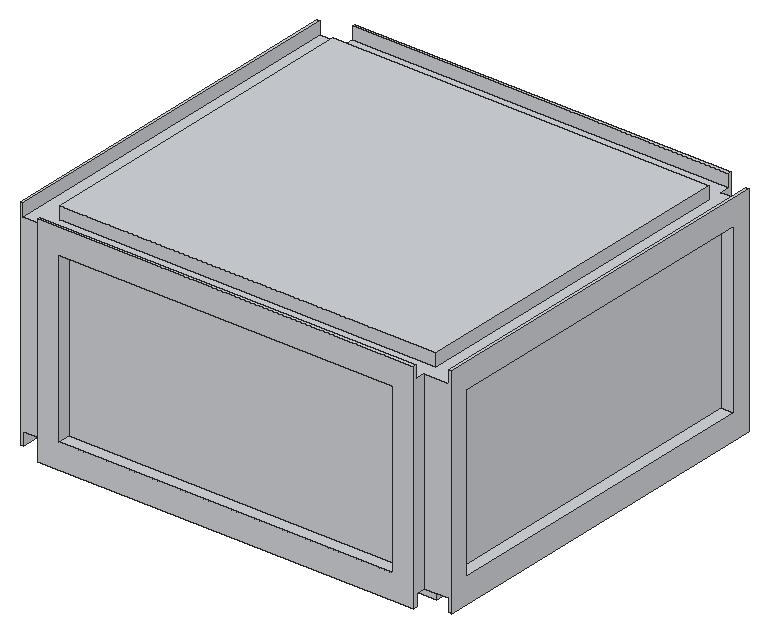
Revit family "8.Пластинчатый рекуператор для прямоугольных каналов PR", category Оборудование, Revit 2016
Family settings
  Тип детали = Нормальный
  Размер круглого соединителя = Использовать диаметр
  На основе рабочей плоскости = Нет
  Всегда вертикально = Да
  При загрузке вырезать с полостями = Нет
  Общий = Нет
  Точка расчета площади = Нет
Parameters (values of type "40-20")
  отступ = 15 mm
  ножки(да/нет) [instance] = no
  Ширина = А  # 400 mm
  Частотный преобразователь [instance] = no
  Частота вращения n, об/мин = ""
  Тип, марка, обозначение = "PR 40-20"
  Сила тока J, А = ""
  Регулятор расхода [instance] = no
  Размер В = 420 mm
  Раздел = "ОВ"
  Примечание = ""
  Позиция = ""
  Напряжение U,В = ""
  Наименование и тех.хар-ка = "Пластинчатый рекуператор для прямоугольных каналов"  # constant formula
  Мощность двигателя N,Вт = ""
  Материал = Сталь серая
  Масса единицы = "16,4 кг"
  Н = 260 mm
  Ж = 9 mm
  Код, оборудования = ""
  Ключевая пометка = "Вентиляция"
  Е = 516 mm
  Д = 474 mm
  Задание электрикам [instance] = no
  Задание автоматчикам [instance] = no
  Завод изготовитель = "KORF"  # constant formula
  Единица измерения = "шт."  # constant formula
  Г = 220 mm
  Высота = Б  # 200 mm
  Б = 200 mm
  А = 400 mm
Types (9, lengths in mm): name | Ширина | Тип, марка, обозначение | Размер В | Масса единицы | Н | Ж | Е | Д | Г | Высота | Б | А
  40-20 | 400 | "PR 40-20" | 420 | "16,4 кг" | 260 | 9 | 516 | 474 | 220 | 200 | 200 | 400
  50-25 | 500 | "PR 50-25" | 520 | "25,4 кг" | 360 | 9 | 616 | 574 | 270 | 250 | 250 | 500
  50-30 | 500 | "PR 50-30" | 520 | "25,5 кг" | 360 | 9 | 616 | 574 | 320 | 300 | 300 | 500
  60-30 | 600 | "PR 60-30" | 620 | "29,4 кг" | 360 | 9 | 716 | 674 | 320 | 300 | 300 | 600
  60-35 | 600 | "PR 60-35" | 620 | "31,4 кг" | 410 | 9 | 716 | 674 | 370 | 350 | 350 | 600
  70-40 | 700 | "PR 70-40" | 720 | "39,6 кг" | 460 | 9 | 816 | 774 | 420 | 400 | 400 | 700
  80-50 | 800 | "PR 80-50" | 820 | "51,8 кг" | 560 | 9 | 916 | 874 | 520 | 500 | 500 | 800
  90-50 | 900 | "PR 90-50" | 930 | "64,4 кг" | 560 | 11 | 1016 | 974 | 530 | 500 | 500 | 900
  100-50 | 1000 | "PR 100-50" | 1030 | "71,8 кг" | 570 | 11 | 1116 | 1074 | 530 | 500 | 500 | 1000
Reference planes
  plane 1 "По центру (Вперед/Назад)": y = 0
  plane 2: z = 0
  plane 3 "По центру (Влево/Вправо)": x = 0
  plane 4: x = -258
  plane 5: y = 237
  plane 6: x = 258
  plane 7: y = -237
  plane 8: z = 130
  plane 9: z = -130
  plane 10: z = 110
  plane 11: z = -110
  plane 12: z = 100
  plane 13: z = -100
  plane 14: x = -200
  plane 15: x = -210
  plane 16: x = 210
  plane 17: x = 200
  plane 18: y = -222
  plane 19: y = 222
  plane 20: x = 243
  plane 21: x = -243
  plane 22: y = -200
  plane 23: y = 200
  plane 24: z = 125
  plane 25: z = -125
  plane 26: x = -225
  plane 27: x = 225
  plane 28: y = 210
  plane 29: y = -210
Forms (mm)
  Extrusion 1, void, not visible
    sketch origin (-345, -245, 50) x (0, -1, 0) y (0, 0, -1)
      loop
        line (-477.965, -475) -> (-477.965, -450) -> (-528.913, -450) -> (-528.913, -475) -> (-477.965, -475)
    from -47.452 to 12
  Extrusion 2, solid, detail levels fine
    sketch origin (0, 0, 0) x (1, 0, 0) y (0, 1, 0)
      loop
        line (-258, 237) -> (-258, -237) -> (258, -237) -> (258, 237) -> (-258, 237)
    from -130 to 130
  Extrusion 3, void
    sketch origin (0, 0, 0) x (1, 0, 0) y (0, 0, 1)
      loop
        line (-200, 100) -> (-200, -100) -> (200, -100) -> (200, 100) -> (-200, 100)
    from 222 to 237
  Extrusion 4, void
    sketch origin (0, 0, 0) x (1, 0, 0) y (0, 1, 0)
      loop
        line (243, 200) -> (243, -200) -> (258, -200) -> (258, 200) -> (243, 200)
    from -100 to 100
  Extrusion 5, void
    sketch origin (0, 0, 0) x (1, 0, 0) y (0, 0, 1)
      loop
        line (200, 100) -> (-200, 100) -> (-200, -100) -> (200, -100) -> (200, 100)
    from -237 to -222
  Extrusion 6, void
    sketch origin (0, 0, 0) x (1, 0, 0) y (0, 1, 0)
      loop
        line (-258, 200) -> (-258, -200) -> (-243, -200) -> (-243, 200) -> (-258, 200)
    from -100 to 100
  Sweep 7, void, detail levels fine
    path in 3D
      loop
        line (258, 237, 130) -> (-258, 237, 130) -> (-258, -237, 130) -> (258, -237, 130) -> (258, 237, 130)
    profile origin (258, 0, 130) x (-1, 0, 0) y (0, 0, 1)
      loop
        line (33, 0) -> (2.985, 0) -> (2.985, -15) -> (33, -15) -> (33, 0)
  Sweep 8, void
    path in 3D
      loop
        line (258, 237, -130) -> (258, -237, -130) -> (-258, -237, -130) -> (-258, 237, -130) -> (258, 237, -130)
    profile origin (0, 237, -130) x (0, -1, 0) y (0, 0, -1)
      loop
        line (3.77, 0) -> (3.77, -15) -> (27, -15) -> (27, 0) -> (3.77, 0)
  Extrusion 9, void
    sketch origin (0, 0, 0) x (1, 0, 0) y (0, 1, 0)
      loop
        line (225, -237) -> (258, -237) -> (258, -222) -> (225, -222) -> (225, -237)
    from -130 to 130
  Extrusion 10, void
    sketch origin (0, 0, 0) x (1, 0, 0) y (0, 1, 0)
      loop
        line (225, 237) -> (225, 222) -> (258, 222) -> (258, 237) -> (225, 237)
    from -130 to 130
  Extrusion 11, void
    sketch origin (0, 0, 0) x (1, 0, 0) y (0, 1, 0)
      loop
        line (-258, 237) -> (-258, 222) -> (-225, 222) -> (-225, 237) -> (-258, 237)
    from -130 to 130
  Extrusion 12, void
    sketch origin (0, 0, 0) x (1, 0, 0) y (0, 1, 0)
      loop
        line (-258, -237) -> (-225, -237) -> (-225, -222) -> (-258, -222) -> (-258, -237)
    from -130 to 130
Cuts and joins
  Extrusion 3, Extrusion 4, Extrusion 5, Extrusion 6, Sweep 7, Sweep 8, Extrusion 9, Extrusion 10, Extrusion 11, Extrusion 12 cuts Extrusion 2
Lines and regions (mm)
  sketch lines
    curve 1: line (258, -237, 130) -> (258, 237, 130)
    curve 2: line (-258, -237, 130) -> (258, -237, 130)
    curve 3: line (-258, 237, 130) -> (-258, -237, 130)
    curve 4: line (258, 237, 130) -> (-258, 237, 130)
    curve 5: line (-258, 237, -130) -> (258, 237, -130)
    curve 6: line (-258, -237, -130) -> (-258, 237, -130)
    curve 7: line (258, 237, -130) -> (258, -237, -130)
    curve 8: line (258, -237, -130) -> (-258, -237, -130)
  model lines, detail levels coarse
    curve 9: line (-258, 237, 0) -> (258, 237, 0)
    curve 10: line (-258, -237, 0) -> (-258, 237, 0)
    curve 11: line (258, -237, 0) -> (-258, -237, 0)
    curve 12: line (258, 237, 0) -> (258, -237, 0)
    curve 13: spline (-102.825, 117.5, 0) -> (-76.212, 113.496, 0) -> (-51.412, 101.758, 0) -> (-30.117, 83.085, 0) -> (-13.776, 58.75, 0) -> (-3.504, 30.411, 0) -> (0, 0, 0) -> (-3.504, -30.411, 0) -> (-13.776, -58.75, 0) -> (-30.117, -83.085, 0) -> (-51.412, -101.758, 0) -> (-76.212, -113.496, 0) -> (-102.825, -117.5, 0)
    curve 14: spline (102.825, 117.5, 0) -> (76.212, 113.496, 0) -> (51.412, 101.758, 0) -> (30.117, 83.085, 0) -> (13.776, 58.75, 0) -> (3.504, 30.411, 0) -> (0, 0, 0) -> (3.504, -30.411, 0) -> (13.776, -58.75, 0) -> (30.117, -83.085, 0) -> (51.412, -101.758, 0) -> (76.212, -113.496, 0) -> (102.825, -117.5, 0)
    curve 17: line (0, 237, 0) -> (-258, 0, 0)
    curve 18: line (-258, 0, 0) -> (0, -237, 0)
    curve 19: line (0, -237, 0) -> (258, 0, 0)
    curve 20: line (258, 0, 0) -> (0, 237, 0)
  model lines, not visible, detail levels coarse
    curve 15: spline (-102.825, 117.5, 0) -> (-76.212, 113.496, 0) -> (-51.412, 101.758, 0) -> (-30.117, 83.085, 0) -> (-13.776, 58.75, 0) -> (-3.504, 30.411, 0) -> (0, 0, 0) -> (-3.504, -30.411, 0) -> (-13.776, -58.75, 0) -> (-30.117, -83.085, 0) -> (-51.412, -101.758, 0) -> (-76.212, -113.496, 0) -> (-102.825, -117.5, 0)
    curve 16: spline (102.825, 117.5, 0) -> (76.212, 113.496, 0) -> (51.412, 101.758, 0) -> (30.117, 83.085, 0) -> (13.776, 58.75, 0) -> (3.504, 30.411, 0) -> (0, 0, 0) -> (3.504, -30.411, 0) -> (13.776, -58.75, 0) -> (30.117, -83.085, 0) -> (51.412, -101.758, 0) -> (76.212, -113.496, 0) -> (102.825, -117.5, 0)
  model lines, detail levels medium
    curve 21: line (0, 237, 130) -> (0, -237, 130)
    curve 22: line (0, 237, -130) -> (0, 237, 130)
    curve 23: line (0, -237, -130) -> (0, 237, -130)
    curve 24: line (0, -237, 130) -> (0, -237, -130)
    curve 25: line (0, 237, 0) -> (0, 0, 130)
    curve 26: line (0, 0, 130) -> (0, -237, 0)
    curve 27: line (0, -237, 0) -> (0, 0, -130)
    curve 28: line (0, 0, -130) -> (0, 237, 0)
    curve 29: spline (0, 48.717, 57.5) -> (0, 36.108, 55.541) -> (0, 24.358, 49.796) -> (0, 14.269, 40.659) -> (0, 6.527, 28.75) -> (0, 1.66, 14.882) -> (0, 0, 0) -> (0, 1.66, -14.882) -> (0, 6.527, -28.75) -> (0, 14.269, -40.659) -> (0, 24.358, -49.796) -> (0, 36.108, -55.541) -> (0, 48.717, -57.5)
    curve 30: spline (0, -48.717, 57.5) -> (0, -36.108, 55.541) -> (0, -24.358, 49.796) -> (0, -14.269, 40.659) -> (0, -6.527, 28.75) -> (0, -1.66, 14.882) -> (0, 0, 0) -> (0, -1.66, -14.882) -> (0, -6.527, -28.75) -> (0, -14.269, -40.659) -> (0, -24.358, -49.796) -> (0, -36.108, -55.541) -> (0, -48.717, -57.5)
  model lines, not visible, detail levels medium
    curve 31: spline (0, 48.717, 57.5) -> (0, 36.108, 55.541) -> (0, 24.358, 49.796) -> (0, 14.269, 40.659) -> (0, 6.527, 28.75) -> (0, 1.66, 14.882) -> (0, 0, 0) -> (0, 1.66, -14.882) -> (0, 6.527, -28.75) -> (0, 14.269, -40.659) -> (0, 24.358, -49.796) -> (0, 36.108, -55.541) -> (0, 48.717, -57.5)
    curve 32: spline (0, -48.717, 57.5) -> (0, -36.108, 55.541) -> (0, -24.358, 49.796) -> (0, -14.269, 40.659) -> (0, -6.527, 28.75) -> (0, -1.66, 14.882) -> (0, 0, 0) -> (0, -1.66, -14.882) -> (0, -6.527, -28.75) -> (0, -14.269, -40.659) -> (0, -24.358, -49.796) -> (0, -36.108, -55.541) -> (0, -48.717, -57.5)
Dimensions and locks
  equal spacing: plane 7, plane 1 "По центру (Вперед/Назад)", plane 5
  "Д": plane 5 to plane 7
  equal spacing: plane 6, plane 3 "По центру (Влево/Вправо)", plane 4
  "Е": plane 6 to plane 4
  equal spacing: plane 8, level, plane 9
  "Н": plane 8 to plane 9
  "А": plane 17 to plane 14
  equal spacing: plane 17, plane 3 "По центру (Влево/Вправо)", plane 14
  equal spacing: plane 16, plane 3 "По центру (Влево/Вправо)", plane 15
  "Размер В": plane 16 to plane 15
  equal spacing: plane 12, level, plane 13
  "Б": plane 12 to plane 13
  equal spacing: plane 10, level, plane 11
  "Г": plane 10 to plane 11
  "отступ": plane 4 to plane 21
  "отступ": plane 20 to plane 6
  "отступ": plane 7 to plane 18
  "отступ": plane 5 to plane 19
  equal spacing: plane 22, plane 1 "По центру (Вперед/Назад)", plane 23
  "А": plane 22 to plane 23
  "отступ": plane 15 to plane 26
  "отступ": plane 27 to plane 16
  "отступ": plane 24 to plane 10
  "отступ": plane 11 to plane 25
  equal spacing: plane 28, plane 1 "По центру (Вперед/Назад)", plane 29
  "Размер В": plane 28 to plane 29
  equal spacing: plane 23, plane 1 "По центру (Вперед/Назад)", plane 22
  locked: profile plane to Sweep 7 sketch curve at 15
  locked: profile plane to Sweep 8 sketch curve at 15
  aligned and locked: level to plane 2
  aligned and locked: plane 5 to Extrusion 2
  aligned and locked: plane 7 to Extrusion 2
  aligned and locked: Extrusion 2 to plane 4
  aligned and locked: plane 6 to Extrusion 2
  aligned and locked: plane 8 to Extrusion 2
  aligned and locked: plane 9 to Extrusion 2
  aligned and locked: plane 12 to cut or joined group 1 (Extrusion 2, Extrusion 3, Extrusion 4, Extrusion 5, Extrusion 6, Sweep 7, Sweep 8, Extrusion 9, Extrusion 10, Extrusion 11, Extrusion 12)  (x4)
  aligned and locked: cut or joined group 1 to plane 13  (x4)
  aligned and locked: cut or joined group 1 to plane 14  (x2)
  aligned and locked: plane 17 to cut or joined group 1  (x2)
  aligned and locked: plane 7 to cut or joined group 1
  aligned and locked: plane 18 to cut or joined group 1
  aligned and locked: plane 6 to cut or joined group 1
  aligned and locked: cut or joined group 1 to plane 20
  aligned and locked: plane 5 to cut or joined group 1
  aligned and locked: cut or joined group 1 to plane 19  (x3)
  aligned and locked: cut or joined group 1 to plane 4
  aligned and locked: plane 21 to cut or joined group 1
  aligned and locked: cut or joined group 1 to plane 22  (x2)
  aligned and locked: plane 23 to cut or joined group 1  (x2)
  aligned and locked: plane 27 to Sweep 7 sketch curve
  aligned and locked: Sweep 8 sketch curve to plane 28
  aligned and locked: Extrusion 9 to plane 27
  aligned and locked: plane 18 to Extrusion 9
  aligned and locked: plane 7 to Extrusion 9
  aligned and locked: plane 6 to Extrusion 9
  aligned and locked: plane 8 to Extrusion 9
  aligned and locked: Extrusion 9 to plane 9
  aligned and locked: cut or joined group 1 to plane 27
  aligned and locked: Extrusion 10 to Extrusion 2  (x2)
  aligned and locked: Extrusion 2 to Extrusion 10  (x2)
  aligned and locked: plane 26 to cut or joined group 1
  aligned and locked: Extrusion 11 to Extrusion 2
  aligned and locked: Extrusion 2 to Extrusion 11
  aligned and locked: plane 8 to cut or joined group 1  (x2)
  aligned and locked: cut or joined group 1 to plane 9  (x2)
  aligned and locked: Extrusion 3 to Extrusion 12
  aligned and locked: plane 26 to Extrusion 12
  aligned and locked: Extrusion 12 to Extrusion 2
  aligned and locked: Extrusion 2 to Extrusion 12
  aligned and locked: curve 9 to plane 5
  aligned and locked: plane 4 to curve 10
  aligned and locked: curve 11 to plane 7
  aligned and locked: curve 12 to plane 6
  aligned and locked: curve 21 to cut or joined group 1
  aligned and locked: curve 22 to cut or joined group 1
  aligned and locked: curve 23 to cut or joined group 1
  aligned and locked: curve 24 to cut or joined group 1
Automatic sketch dimensions
  curve 18 to plane 3 "По центру (Влево/Вправо)" = 0 mm
  curve 17 to plane 3 "По центру (Влево/Вправо)" = 0 mm
  plane 1 "По центру (Вперед/Назад)" to curve 19 = 0 mm
  plane 1 "По центру (Вперед/Назад)" to curve 18 = 0 mm
  curve 25 to plane 1 "По центру (Вперед/Назад)" = 0 mm
  curve 28 to plane 1 "По центру (Вперед/Назад)" = 0 mm
  curve 28 to level = 0 mm
  curve 26 to level = 0 mm
  Extrusion 2 sketch curve to plane 4 = 0 mm
  Extrusion 2 sketch curve to plane 6 = 0 mm
  plane 7 to Extrusion 2 sketch curve = 0 mm
  Extrusion 2 sketch curve to plane 5 = 0 mm
  Extrusion 3 sketch curve to plane 13 = 0 mm
  Extrusion 3 sketch curve to plane 14 = 0 mm
  Extrusion 3 sketch curve to plane 17 = 0 mm
  Extrusion 3 sketch curve to plane 12 = 0 mm
  Extrusion 4 sketch curve to plane 20 = 0 mm
  Extrusion 4 sketch curve to plane 6 = 0 mm
  Extrusion 4 sketch curve to plane 22 = 0 mm
  Extrusion 4 sketch curve to plane 23 = 0 mm
  Extrusion 5 sketch curve to plane 12 = 0 mm
  Extrusion 5 sketch curve to plane 14 = 0 mm
  Extrusion 5 sketch curve to plane 13 = 0 mm
  Extrusion 5 sketch curve to plane 17 = 0 mm
  Extrusion 6 sketch curve to plane 4 = 0 mm
  Extrusion 6 sketch curve to plane 21 = 0 mm
  Extrusion 6 sketch curve to plane 22 = 0 mm
  Extrusion 6 sketch curve to plane 23 = 0 mm
  Sweep 7 sketch curve to profile plane = 0 mm
  Sweep 7 sketch curve to profile plane = 2.985 mm
  profile plane to Sweep 8 sketch curve = 0 mm
  Sweep 8 sketch curve to profile plane = 3.77 mm
  Extrusion 9 sketch curve to plane 18 = 0 mm
  Extrusion 9 sketch curve to plane 27 = 0 mm
  Extrusion 9 sketch curve to plane 6 = 0 mm
  plane 7 to Extrusion 9 sketch curve = 0 mm
  Extrusion 10 sketch curve to plane 19 = 0 mm
  Extrusion 10 sketch curve to plane 27 = 0 mm
  Extrusion 10 sketch curve to plane 6 = 0 mm
  Extrusion 10 sketch curve to plane 5 = 0 mm
  Extrusion 11 sketch curve to plane 4 = 0 mm
  Extrusion 11 sketch curve to plane 19 = 0 mm
  Extrusion 11 sketch curve to plane 26 = 0 mm
  Extrusion 11 sketch curve to plane 5 = 0 mm
  Extrusion 12 sketch curve to plane 4 = 0 mm
  Extrusion 12 sketch curve to plane 18 = 0 mm
  Extrusion 12 sketch curve to plane 26 = 0 mm
  plane 7 to Extrusion 12 sketch curve = 0 mm
Nested families
  nested 1: "крепление 15мм" at (-330, 229.965, 495), type "крепление 15мм", not visible
Connectors
  hvac at (258, 0, 0), driven by "Высота", driven by "Ширина"
    settings: on cut or joined group 1, index 1, duct flow 0.0 L/s, flow factor 0, pres drop 0.0 Pa, loss coef 0, conn angle 0.00°, conn width 400 mm, conn height 200 mm, conn diameter 609.6 mm, duct sys type 28, conn prof type 1, flow config 0, flow direction 0, loss method 0, conn ref index 4, conn util no, is conn primary yes, conn desc ""
  hvac at (0, 237, 0), driven by "Высота", driven by "Ширина"
    settings: on cut or joined group 1, index 2, duct flow 0.0 L/s, flow factor 0, pres drop 0.0 Pa, loss coef 0, conn angle 0.00°, conn width 400 mm, conn height 200 mm, conn diameter 609.6 mm, duct sys type 28, conn prof type 1, flow config 0, flow direction 0, loss method 0, conn ref index 3, conn util no, is conn primary no, conn desc ""
  hvac at (0, -237, 0), driven by "Высота", driven by "Ширина"
    settings: on cut or joined group 1, index 3, duct flow 0.0 L/s, flow factor 0, pres drop 0.0 Pa, loss coef 0, conn angle 0.00°, conn width 400 mm, conn height 200 mm, conn diameter 609.6 mm, duct sys type 28, conn prof type 1, flow config 0, flow direction 0, loss method 0, conn ref index 2, conn util no, is conn primary no, conn desc ""
  hvac at (-258, 0, 0), driven by "Высота", driven by "Ширина"
    settings: on cut or joined group 1, index 4, duct flow 0.0 L/s, flow factor 0, pres drop 0.0 Pa, loss coef 0, conn angle 0.00°, conn width 400 mm, conn height 200 mm, conn diameter 609.6 mm, duct sys type 28, conn prof type 1, flow config 0, flow direction 0, loss method 0, conn ref index 1, conn util no, is conn primary no, conn desc ""
Definition of nested family "крепление 15мм"
  Parameters (values of type "крепление 15мм")
    Материал крепления = none
  Reference planes
    plane 1 "По центру (Вперед/Назад)": y = 0
    plane 2: z = 0
    plane 3 "По центру (Влево/Вправо)": x = 0
  Forms (mm)
    Extrusion 1, solid, material <- "Материал крепления"
      sketch origin (0, 0, 0) x (1, 0, 0) y (0, 1, 0)
        loop
          line (-25, 0) -> (0, 0) -> (0, 18.31) -> (0, 25) -> (-3, 25) -> (-3, 3) -> (-25, 3) -> (-25, 0)
      from 0 to 30
    Extrusion 2, void
      sketch origin (0, 0, 0) x (1, 0, 0) y (0, 1, 0)
        loop
          line (-3, 3) -> (-3, 54.96) -> (-58, 54.96) -> (-58, 3) -> (-3, 3)
      from 0 to 15
  Cuts and joins
    Extrusion 2 cuts Extrusion 1
  Dimensions and locks
    Extrusion 1 sketch curve to Extrusion 1 sketch curve = 3 mm  (x2)
    Extrusion 1 sketch curve to Extrusion 1 sketch curve to plane 3 "По центру (Влево/Вправо)" = 25 mm, 0 mm
    Extrusion 1 sketch curve to Extrusion 1 sketch curve = 25 mm
    aligned and locked: level to plane 2
